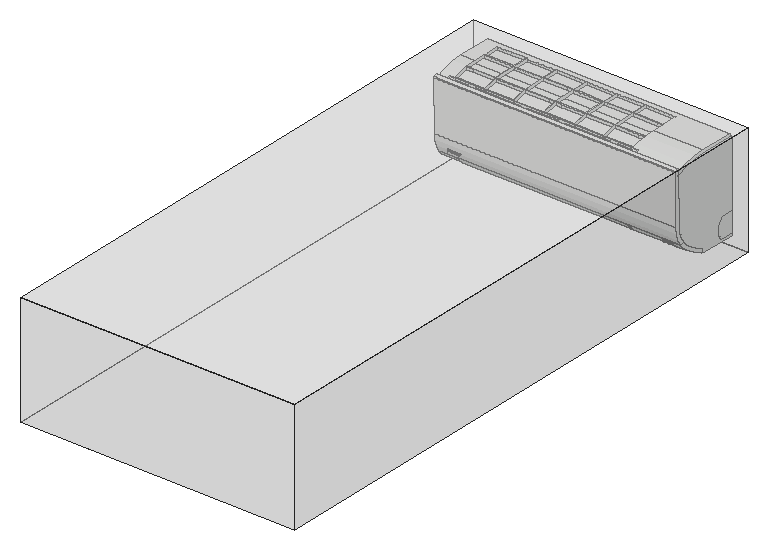
Revit family "outputfile", category 機械設備, Revit 2024
Family settings
  丸型コネクタ寸法 = 半径を使用
  パーツ タイプ = 標準
  OmniClass 番号 = 23.75.10.24.21.27.27
  OmniClass タイトル = Split System Air Conditioning Units
  作業面ベース = いいえ
  常に垂直 = はい
  ロード時にボイドで切り取り = いいえ
  注釈の向きを維持 = いいえ
  共有 = いいえ
  部屋計算ポイント = いいえ
Parameters (values of type "FTKF25CVA")
  Description = ""
  書き出し IFC クラス(タイプ) = "IfcUnitaryEquipmentType"
  定義済み IFC タイプ(タイプ) = "AIRCONDITIONINGUNIT"
  Cost = 0
  Type Comments = ""
  Keynote = ""
  Type Image = (empty or 0)
  Assembly Code = ""
  switch_frequency = yes
  lw_connection [instance] = if(Width = 730.0 mm, 85.0 mm, if(Width = 770.0 mm, 48.0 mm, 60.0 mm))  # 85.0 mm
  製造元 = "Daikin"
  モデル = "FTKF25CVA"
  r_Liquid Pipe Size = Liquid Pipe Size / 2  # 3.2 mm
  r_Gas Pipe Size = Gas Pipe Size / 2  # 4.75 mm
  r_Drain Pipe Size = Drain Pipe Size / 2  # 9.55 mm
  lw_powersupply [instance] = if(Width = 730.0 mm, if(or(Rear Right Connection_refrigerant, Bottom Right Connection_refrigerant), 65.0 mm, if(or(Rear Left Connection_refrigerant, Bottom Left Connection_refrigerant), 695.0 mm, 400.0 mm)), if(Width = 770.0 mm, if(or(Rear Right Connection_refrigerant, Bottom Right Connection_refrigerant), 68.0 mm, if(or(Rear Left Connection_refrigerant, Bottom Left Connection_refrigerant), 705.0 mm, 400.0 mm)), if(or(Rear Right Connection_refrigerant, Bottom Right Connection_refrigerant), 83.0 mm, if(or(Rear Left Connection_refrigerant, Bottom Left Connection_refrigerant), 928.0 mm, 400.0 mm))))  # 400.0 mm
  lw_liquidpipe [instance] = if(Width = 730.0 mm, if(or(Rear Right Connection_refrigerant, Bottom Right Connection_refrigerant), 0.0 mm, if(or(Rear Left Connection_refrigerant, Bottom Left Connection_refrigerant), 582.0 mm, 473.0 mm)), if(Width = 770.0 mm, if(or(Rear Right Connection_refrigerant, Bottom Right Connection_refrigerant), 0.0 mm, if(or(Rear Left Connection_refrigerant, Bottom Left Connection_refrigerant), 682.0 mm, 385.0 mm)), if(or(Rear Right Connection_refrigerant, Bottom Right Connection_refrigerant), 10.0 mm, if(or(Rear Left Connection_refrigerant, Bottom Left Connection_refrigerant), 858.0 mm, 435.0 mm))))  # 473.0 mm
  lw_gaspipe [instance] = if(Width = 730.0 mm, if(or(Rear Right Connection_refrigerant, Bottom Right Connection_refrigerant), 0.0 mm, if(or(Rear Left Connection_refrigerant, Bottom Left Connection_refrigerant), 576.0 mm, 428.0 mm)), if(Width = 770.0 mm, if(or(Rear Right Connection_refrigerant, Bottom Right Connection_refrigerant), 0.0 mm, if(or(Rear Left Connection_refrigerant, Bottom Left Connection_refrigerant), 675.0 mm, 335.0 mm)), if(or(Rear Right Connection_refrigerant, Bottom Right Connection_refrigerant), 0.0 mm, if(or(Rear Left Connection_refrigerant, Bottom Left Connection_refrigerant), 851.0 mm, 400.0 mm))))  # 428.0 mm
  lw_drainpipe [instance] = if(Width = 730.0 mm, if(or(Rear Right Connection_refrigerant, Bottom Right Connection_refrigerant), 0.0 mm, if(or(Rear Left Connection_refrigerant, Bottom Left Connection_refrigerant), 590.0 mm, 488.0 mm)), if(Width = 770.0 mm, if(or(Rear Right Connection_refrigerant, Bottom Right Connection_refrigerant), 0.0 mm, if(or(Rear Left Connection_refrigerant, Bottom Left Connection_refrigerant), 695.0 mm, 440.0 mm)), if(or(Rear Right Connection_refrigerant, Bottom Right Connection_refrigerant), 0.0 mm, if(or(Rear Left Connection_refrigerant, Bottom Left Connection_refrigerant), 888.0 mm, 475.0 mm))))  # 488.0 mm
  l_powersupply_length [instance] = if(Width = 730.0 mm, if(Right Connection_refrigerant, 400.0 mm, if(Left Connection_refrigerant, 330.0 mm, if(or(Bottom Left Connection_refrigerant, Bottom Right Connection_refrigerant), 57.0 mm, if(or(Rear Left Connection_refrigerant, Rear Right Connection_refrigerant), 15.0 mm, 50.0 mm)))), if(Width = 770.0 mm, if(Right Connection_refrigerant, 400.0 mm, if(Left Connection_refrigerant, 370.0 mm, if(or(Bottom Left Connection_refrigerant, Bottom Right Connection_refrigerant), 57.0 mm, if(or(Rear Left Connection_refrigerant, Rear Right Connection_refrigerant), 15.0 mm, 50.0 mm)))), if(Right Connection_refrigerant, 400.0 mm, if(Left Connection_refrigerant, 590.0 mm, if(or(Bottom Left Connection_refrigerant, Bottom Right Connection_refrigerant), 57.0 mm, if(or(Rear Left Connection_refrigerant, Rear Right Connection_refrigerant), 15.0 mm, 50.0 mm))))))  # 400.0 mm
  l_liquidpipe_length [instance] = if(Width = 730.0 mm, if(Right Connection_refrigerant, 558.0 mm, if(Left Connection_refrigerant, 172.0 mm, if(or(Bottom Left Connection_refrigerant, Bottom Right Connection_refrigerant), 48.0 mm, if(or(Rear Left Connection_refrigerant, Rear Right Connection_refrigerant), 30.0 mm, 40.0 mm)))), if(Width = 770.0 mm, if(Right Connection_refrigerant, 433.0 mm, if(Left Connection_refrigerant, 337.0 mm, if(or(Bottom Left Connection_refrigerant, Bottom Right Connection_refrigerant), 48.0 mm, if(or(Rear Left Connection_refrigerant, Rear Right Connection_refrigerant), 30.0 mm, 40.0 mm)))), if(Right Connection_refrigerant, 495.0 mm, if(Left Connection_refrigerant, 495.0 mm, if(or(Bottom Left Connection_refrigerant, Bottom Right Connection_refrigerant), 48.0 mm, if(or(Rear Left Connection_refrigerant, Rear Right Connection_refrigerant), 30.0 mm, 40.0 mm))))))  # 558.0 mm
  l_gaspipe_length [instance] = if(Width = 730.0 mm, if(Right Connection_refrigerant, 513.0 mm, if(Left Connection_refrigerant, 217.0 mm, if(or(Bottom Left Connection_refrigerant, Bottom Right Connection_refrigerant), 57.0 mm, if(or(Rear Left Connection_refrigerant, Rear Right Connection_refrigerant), 40.0 mm, 50.0 mm)))), if(Width = 770.0 mm, if(Right Connection_refrigerant, 383.0 mm, if(Left Connection_refrigerant, 387.0 mm, if(or(Bottom Left Connection_refrigerant, Bottom Right Connection_refrigerant), 57.0 mm, if(or(Rear Left Connection_refrigerant, Rear Right Connection_refrigerant), 40.0 mm, 50.0 mm)))), if(Right Connection_refrigerant, 460.0 mm, if(Left Connection_refrigerant, 530.0 mm, if(or(Bottom Left Connection_refrigerant, Bottom Right Connection_refrigerant), 57.0 mm, if(or(Rear Left Connection_refrigerant, Rear Right Connection_refrigerant), 40.0 mm, 50.0 mm))))))  # 513.0 mm
  l_drainpipe_length [instance] = if(Width = 730.0 mm, if(Right Connection_refrigerant, 573.0 mm, if(Left Connection_refrigerant, 157.0 mm, if(or(Bottom Left Connection_refrigerant, Bottom Right Connection_refrigerant), 35.0 mm, if(or(Rear Left Connection_refrigerant, Rear Right Connection_refrigerant), 15.0 mm, 20.0 mm)))), if(Width = 770.0 mm, if(Right Connection_refrigerant, 488.0 mm, if(Left Connection_refrigerant, 282.0 mm, if(or(Bottom Left Connection_refrigerant, Bottom Right Connection_refrigerant), 35.0 mm, if(or(Rear Left Connection_refrigerant, Rear Right Connection_refrigerant), 15.0 mm, 20.0 mm)))), if(Right Connection_refrigerant, 535.0 mm, if(Left Connection_refrigerant, 455.0 mm, if(or(Bottom Left Connection_refrigerant, Bottom Right Connection_refrigerant), 35.0 mm, if(or(Rear Left Connection_refrigerant, Rear Right Connection_refrigerant), 15.0 mm, 20.0 mm))))))  # 573.0 mm
  h*** = 0.0 mm  # constant formula
  connector_voltage = Voltage_60Hz  # 220 V
  connector_powerinput = [Power Input (Cooling)]  # 0.000 kW
  connector_phase = Phase_60Hz  # 1
  angle_vertical [instance] = if(or(Bottom Left Connection_refrigerant, Bottom Right Connection_refrigerant), 0.00°, 90.00°)  # 90.00°
  angle_horizontal [instance] = if(Right Connection_refrigerant, 90.00°, if(Left Connection_refrigerant, -90.00°, if(or(Rear Left Connection_refrigerant, Rear Right Connection_refrigerant), 180.00°, 0.00°)))  # 90.00°
  Width = 730.0 mm
  Voltage_comment_60Hz = "220"
  Voltage_60Hz = 220 V
  Version = "ver.1.0"
  Unit Type = "Wall Mounted"
  Unit Mass Weight = 8.50 kg
  Unit Designation [instance] = ""
  Uniclass2015Version = "Products v1.30"
  Uniclass2015Title = "Split coil room air conditioning units"
  Uniclass2015Code = "Pr_70_65_03_86"
  URL = ""
  Total Cooling Capacity [instance] = 0.000 kW
  Sound Pressure Level_M speed (dBA) = 33
  Sound Pressure Level_L speed (dBA) = 26
  Sound Pressure Level_H speed (dBA) = 39
  Sound Power Level_H speed (dB) = 0
  Series = "Single Split_Fan Coil Unit"
  Sensible Cooling Capacity [instance] = 0.000 kW
  Refrigerant Type = "R32"
  Power Input (Cooling) = 0.000 kW
  Phase_60Hz = 1
  Option Accessory 3 [instance] = ""
  Option Accessory 2 [instance] = ""
  Option Accessory 1 [instance] = ""
  Nominal Cooling Capacity = 2.640 kW
  Minimum Circuit Amps_60Hz = 0.0 A
  Minimum Airflow = 348.00 m³/h
  Median Airflow = 442.00 m³/h
  Maximum Fuse Amps_60Hz = 0.0 A
  Maximum Airflow = 578.00 m³/h
  Material_Casing = DAIKIN_White_Casing_indoorunit
  Load Classification = HVAC
  Liquid Pipe Size = 6.4 mm
  Link_Nested Family [instance] = ""
  IfcVersion = ""
  IfcExportType = "AIRCONDITIONINGUNIT"
  IfcExportAs = "IfcUnitaryEquipmentType"
  Height = 280.0 mm
  Heat Exchanger Type = "Cross Fin Coil"
  Gas Pipe Size = 9.5 mm
  Frequency_60Hz = 60 Hz
  Fan Type = "Cross Flow Fan"
  Fan Drive = "Direct Drive"
  FCU Tag No. [instance] = ""
  Drain Pipe Size = 19.1 mm
  Design Supply Airflow [instance] = 0.00 m³/h
  Depth = 213.0 mm
  既定の高さ = 0.0 mm
  Cooling Entering Wet Bulb Temperature [instance] = 0.00 °C
  Cooling Entering Dry Bulb Temperature [instance] = 0.00 °C
  Cooling Ambient Wet Bulb Temperature [instance] = 0.00 °C
  Cooling Ambient Dry Bulb Temperature [instance] = 0.00 °C
  Clearance visibility [instance] = yes
  Clearance Top = 30.0 mm
  Clearance Right = 50.0 mm
  Clearance Rear = 0.0 mm
  Clearance Left = 50.0 mm
  Clearance Front = 1500.0 mm
  Clearance Bottom = 30.0 mm
  Bottom Right Connection_refrigerant [instance] = no
  Bottom Left Connection_refrigerant [instance] = no
  Rear Right Connection_refrigerant [instance] = no
  Rear Left Connection_refrigerant [instance] = no
  Right Connection_refrigerant [instance] = yes
  Left Connection_refrigerant [instance] = no
Reference planes
  plane 1 "Back": y = 0
  plane 2: z = 0
  plane 3 "Center (Left/Right)": x = 0
  plane 4 "Center (Front/Back)": y = -106.5
  plane 5 "Front": y = -213
  plane 6 "Left": x = -365
  plane 7 "Right": x = 365
  plane 8 "Top": z = 0
  plane 9 "Bottom": z = -280
  plane 10 "Front panel_Left": x = -363
  plane 11 "Front panel_Right": x = 363
  plane 12: x = 229
  plane 13: x = 224
  plane 14: x = -415
  plane 15: x = 415
  plane 16: y = 0
  plane 17: y = -213
  plane 18: z = 30
  plane 19: z = -310
  plane 20 "lw_Piping and Wiring intake": x = 280
  plane 21 "lw_gaspipe": x = -148
  plane 22 "lw_liquidpipe": x = -193
  plane 23 "lw_drainpipe": x = -208
  plane 24 "lh_drainpipe": z = -245
  plane 25 "lh_liquidpipe": z = -232
  plane 26 "lh_gaspipe": z = -223
  plane 27 "ld_drainpipe": y = -15
  plane 28 "ld_liquidpipe": y = -30
  plane 29 "ld_gaspipe": y = -40
  plane 30 "lw_powersupply": x = -35
  plane 31: y = -1713
Dimensions and locks
  equal spacing: plane 6 "Left", plane 3 "Center (Left/Right)", plane 7 "Right"
  "Width": plane 6 "Left" to plane 7 "Right"
  equal spacing: plane 5 "Front", plane 4 "Center (Front/Back)", plane 1 "Back"
  "Depth": plane 5 "Front" to plane 1 "Back"
  "Height": plane 8 "Top" to plane 9 "Bottom"
  locked: plane 10 "Front panel_Left" to plane 6 "Left" at 2
  locked: plane 7 "Right" to plane 11 "Front panel_Right" at 2
  locked: plane 7 "Right" to plane 12 at 136
  locked: plane 12 to plane 13 at 5
  "Clearance Rear": plane 16 to plane 1 "Back"
  "Clearance Top": plane 18 to plane 8 "Top"
  "Clearance Bottom": plane 9 "Bottom" to plane 19
  "lw_connection": plane 20 "lw_Piping and Wiring intake" to plane 7 "Right"
  "lw_gaspipe": plane 21 "lw_gaspipe" to plane 20 "lw_Piping and Wiring intake"
  "lw_liquidpipe": plane 22 "lw_liquidpipe" to plane 20 "lw_Piping and Wiring intake"
  "lw_drainpipe": plane 23 "lw_drainpipe" to plane 20 "lw_Piping and Wiring intake"
  locked: plane 24 "lh_drainpipe" to plane 9 "Bottom" at 35
  locked: plane 25 "lh_liquidpipe" to plane 9 "Bottom" at 48
  locked: plane 26 "lh_gaspipe" to plane 9 "Bottom" at 57
  locked: plane 27 "ld_drainpipe" to plane 1 "Back" at 15
  locked: plane 1 "Back" to plane 28 "ld_liquidpipe" at 30
  locked: plane 1 "Back" to plane 29 "ld_gaspipe" at 40
  "lw_powersupply": plane 30 "lw_powersupply" to plane 7 "Right"
  "Clearance Left": plane 14 to plane 6 "Left"
  "Clearance Right": plane 7 "Right" to plane 15
  "Clearance Front": plane 5 "Front" to plane 31
  aligned and locked: level to plane 2
  aligned and locked: plane 16 to nested 1
  aligned and locked: nested 1 to plane 14
  aligned and locked: nested 1 to plane 15
  aligned and locked: plane 19 to nested 1
  aligned and locked: plane 18 to nested 1
  aligned and locked: plane 21 "lw_gaspipe" to nested 2
  aligned and locked: nested 2 to plane 29 "ld_gaspipe"
  aligned and locked: plane 22 "lw_liquidpipe" to nested 3
  aligned and locked: nested 3 to plane 28 "ld_liquidpipe"
  aligned and locked: plane 23 "lw_drainpipe" to nested 4
  aligned and locked: nested 4 to plane 27 "ld_drainpipe"
  aligned and locked: nested 5 to plane 27 "ld_drainpipe"
  aligned and locked: plane 30 "lw_powersupply" to nested 5
  aligned and locked: level to plane 8 "Top"
  aligned and locked: nested 1 to plane 31
Nested families
  nested 1: "daikin_clearancespace" at (0, -856.5, -139.881), show <- "Clearance visibility", visible <- "Clearance visibility", Link_Nested Family <- "Link_Nested Family", type "daikin_clearancespace"
    with width 830.0 mm, show yes, height 340.0 mm, depth 1713.0 mm, Link_Nested Family ""
  nested 2: "daikin_connector_rotate3" at (-148, -40, -223), angle_vertical <- "angle_vertical", angle_horizontal <- "angle_horizontal", length <- "l_gaspipe_length", radius <- "r_Gas Pipe Size", type "daikin_connector_rotate3"
    with show no, radius 4.75 mm, length 513.0 mm, angle_vertical 90.00°, angle_horizontal 90.00°
  nested 3: "daikin_connector_rotate3" at (-193, -30, -232), angle_vertical <- "angle_vertical", angle_horizontal <- "angle_horizontal", radius <- "r_Liquid Pipe Size", length <- "l_liquidpipe_length", type "daikin_connector_rotate3"
    with show no, radius 3.2 mm, length 558.0 mm, angle_vertical 90.00°, angle_horizontal 90.00°
  nested 4: "daikin_connector_rotate3" at (-208, -15, -245), angle_vertical <- "angle_vertical", angle_horizontal <- "angle_horizontal", length <- "l_drainpipe_length", radius <- "r_Drain Pipe Size", type "daikin_connector_rotate3"
    with show no, radius 9.55 mm, length 573.0 mm, angle_vertical 90.00°, angle_horizontal 90.00°
  nested 5: "daikin_connector_rotate3" at (-35, -15, -223), angle_vertical <- "angle_vertical", angle_horizontal <- "angle_horizontal", length <- "l_powersupply_length", type "daikin_connector_rotate3"
    with show no, radius 10.0 mm, length 400.0 mm, angle_vertical 90.00°, angle_horizontal 90.00°
  nested 6: "DAIKIN_indoorunit_FTKF-CVA" at (-31, 0, 0), type "FTKF-CVA"
Connectors
  piping at (365, -40, -223), diameter 9.5, driven by "r_Gas Pipe Size"
    settings: on nested 2, index 1, connector inside diameter 609.6 mm, connector length 0.0 mm, flow factor 0, pipe flow 0.00 m³/h, pressure drop 0.0 Pa, fitting loss kfactor 0, connector angle 0.00°, fixture units 0, engagement length 0.0 mm, angle of deflection 0.00°, flow configuration 1, flow direction 2, fitting loss method 0, system type 29, joint type 0, gender type 0, connector reference index -1, connector utility 0, adjustable connector no, is connector primary yes, connector description "Refrigerant Gas Piping"
  piping at (365, -30, -232), diameter 6.4, driven by "r_Liquid Pipe Size"
    settings: on nested 3, index 2, connector inside diameter 609.6 mm, connector length 0.0 mm, flow factor 0, pipe flow 0.00 m³/h, pressure drop 0.0 Pa, fitting loss kfactor 0, connector angle 0.00°, fixture units 0, engagement length 0.0 mm, angle of deflection 0.00°, flow configuration 1, flow direction 1, fitting loss method 0, system type 29, joint type 0, gender type 0, connector reference index -1, connector utility 0, adjustable connector no, is connector primary no, connector description "Refrigerant Liquid Piping"
  piping at (365, -15, -245), diameter 19.1, driven by "r_Drain Pipe Size"
    settings: on nested 4, index 3, connector inside diameter 609.6 mm, connector length 0.0 mm, flow factor 0, pipe flow 0.00 m³/h, pressure drop 0.0 Pa, fitting loss kfactor 0, connector angle 0.00°, fixture units 0, engagement length 0.0 mm, angle of deflection 0.00°, flow configuration 1, flow direction 2, fitting loss method 4, system type 16, joint type 0, gender type 0, connector reference index -1, connector utility 0, adjustable connector no, is connector primary no, connector description "Condensate Drain Piping"
  electrical at (365, -15, -223), driven by "Load Classification", driven by "connector_phase", driven by "connector_powerinput", driven by "connector_voltage"
    settings: on nested 5, index 4, voltage 220 V, apparent load 0 VA, apparent load phase1 0 VA, apparent load phase2 0 VA, apparent load phase3 0 VA, power factor 1, load classification "HVAC", number of poles 1, system type 30, power factor state 1, is connector primary yes, connector utility no, sub classification motor no, connector description "Power Supply"
Definition of nested family "daikin_clearancespace"
  Parameters (values of type "daikin_clearancespace")
    Description = "daikin_clearancespace"
    width [instance] = 1823.963 mm
    show [instance] = yes
    material = none
    height [instance] = 1359.762 mm
    depth [instance] = 880.0 mm
    Default Elevation = 0.0 mm
    Link_Nested Family [instance] = ""
  Reference planes
    plane 1 "Center (Front/Back)": y = 0
    plane 2 "Center (Elevation)": z = -0.119
    plane 3 "Center (Left/Right)": x = 0
    plane 4: y = 440
    plane 5: y = -440
    plane 6 "Right": x = 911.982
    plane 7 "Left": x = -911.982
    plane 8 "Top": z = 679.762
    plane 9 "Bottom": z = -680
  Forms (mm)
    Extrusion 1, solid, material <- "material", visible <- "show"
      sketch origin (0, 0, 0) x (1, 0, 0) y (0, 1, 0)
        loop
          line (-911.982, 440) -> (-911.982, -440) -> (911.982, -440) -> (911.982, 440) -> (-911.982, 440)
      from -680 to 679.762
  Lines and regions (mm)
    symbolic lines, visible <- "show"
      curve 1: line (911.982, 440, 0) -> (-911.982, 440, 0)
      curve 2: line (-911.982, 440, 0) -> (-911.982, -440, 0)
      curve 3: line (-911.982, -440, 0) -> (911.982, -440, 0)
      curve 4: line (911.982, -440, 0) -> (911.982, 440, 0)
      curve 5: line (911.982, 0, 679.762) -> (-911.982, 0, 679.762)
      curve 6: line (911.982, 0, -680) -> (911.982, 0, 679.762)
      curve 7: line (-911.982, 0, -680) -> (911.982, 0, -680)
      curve 8: line (-911.982, 0, 679.762) -> (-911.982, 0, -680)
      curve 9: line (0, 440, 679.762) -> (0, -440, 679.762)
      curve 10: line (0, -440, 679.762) -> (0, -440, -680)
      curve 11: line (0, 440, -680) -> (0, 440, 679.762)
      curve 12: line (0, -440, -680) -> (0, 440, -680)
  Dimensions and locks
    "width": plane 7 "Left" to plane 6 "Right"
    "depth": plane 4 to plane 5
    "height": plane 8 "Top" to plane 9 "Bottom"
    equal spacing: plane 7 "Left", plane 3 "Center (Left/Right)", plane 6 "Right"
    equal spacing: plane 4, plane 1 "Center (Front/Back)", plane 5
    equal spacing: plane 8 "Top", plane 2 "Center (Elevation)", plane 9 "Bottom"
    aligned and locked: level to plane 2 "Center (Elevation)"
    aligned and locked: Extrusion 1 sketch curve to plane 4
    aligned and locked: plane 7 "Left" to Extrusion 1 sketch curve
    aligned and locked: Extrusion 1 sketch curve to plane 5
    aligned and locked: Extrusion 1 sketch curve to plane 6 "Right"
    aligned and locked: plane 8 "Top" to Extrusion 1
    aligned and locked: curve 1 to Extrusion 1
    aligned and locked: curve 2 to Extrusion 1
    aligned and locked: curve 3 to Extrusion 1
    aligned and locked: curve 4 to Extrusion 1
    aligned and locked: curve 5 to Extrusion 1
    aligned and locked: curve 6 to Extrusion 1
    aligned and locked: curve 7 to Extrusion 1
    aligned and locked: curve 8 to Extrusion 1
    aligned and locked: curve 9 to Extrusion 1
    aligned and locked: curve 10 to Extrusion 1
    aligned and locked: curve 11 to Extrusion 1
    aligned and locked: curve 12 to Extrusion 1
    aligned and locked: Extrusion 1 to plane 9 "Bottom"
Definition of nested family "DAIKIN_indoorunit_FTKF-CVA"
  Parameters (values of type "FTKF-CVA")
    switch_unit1_60-71 = Width = 990.0 mm  # no
    switch_unit1_35-50 = Width = 770.0 mm  # no
    switch_unit1_20-25 = Width = 730.0 mm  # yes
    Width = 730.0 mm
    WALL HOLE-R = if(Width = 730.0 mm, 79.0 mm, 48.0 mm)  # 79.0 mm
    Material_Casing = none
    Height = if(Width = 730.0 mm, 280.0 mm, if(Width = 770.0 mm, 288.0 mm, 297.0 mm))  # 280.0 mm
    Default Elevation = 0.0 mm
  Reference planes
    plane 1 "Center (Front/Back)": y = 0
    plane 2 "reference_level": z = 0
    plane 3 "Center (Left/Right)": x = 31
    plane 4: x = -334
    plane 5: x = 396
    plane 6: z = -280
  Forms (mm)
    Extrusion 1, solid, material <- "Material_Casing", visible <- "switch_unit1_20-25"
      sketch origin (31, 0, 0) x (0, 1, 0) y (0, 0, 1)
        loop
          line (-109.519, -8) -> (-2.596, -8) -> (-8.198, 0) -> (-109.608, 0)
          arc (-109.608, 0) -> (-157.226, -5.2) -> (-202.599, -20.555) r 220.623
          line (-202.599, -20.555) -> (-202.447, -29.25)
          arc (-202.447, -29.25) -> (-157.182, -13.38) -> (-109.519, -8) r 213.82
      from -365 to 365
    Extrusion 2, solid, material <- "Material_Casing", visible <- "switch_unit1_20-25"
      sketch origin (416, 1304.033, 1200.206) x (0, 1, 0) y (0, 0, 1)
        loop
          arc (-1496.513, -1423.164) -> (-1487.225, -1434.204) -> (-1476.373, -1443.711) r 95
          arc (-1476.373, -1443.711) -> (-1448.371, -1461.92) -> (-1418.191, -1476.232) r 250
          line (-1418.191, -1476.232) -> (-1418.191, -1465.318)
          arc (-1418.191, -1465.318) -> (-1445.052, -1452.134) -> (-1470.063, -1435.711) r 240
          arc (-1470.063, -1435.711) -> (-1477.766, -1429.186) -> (-1484.641, -1421.794) r 85
          line (-1484.641, -1421.794) -> (-1496.513, -1423.164)
      from -20 to -177
    Extrusion 3, solid, material <- "Material_Casing", visible <- "switch_unit1_20-25"
      sketch origin (31, 0, 0) x (0, 1, 0) y (0, 0, 1)
        loop
          line (-202.769, -10.816) -> (-211.618, -13.692)
          arc (-211.618, -13.692) -> (-212.628, -14.432) -> (-213, -15.629) r 2
          line (-213, -15.629) -> (-210.348, -167.5)
          arc (-210.348, -167.5) -> (-206.029, -195.818) -> (-193.465, -221.562) r 95
          line (-193.465, -221.562) -> (-181.653, -220.199)
          arc (-181.653, -220.199) -> (-195.31, -195.356) -> (-200.037, -167.403) r 85
          line (-200.037, -167.403) -> (-202.769, -10.816)
      from -365 to 365
    Extrusion 4, solid, material <- "Material_Casing", visible <- "switch_unit1_20-25"
      sketch origin (31, 0, 0) x (0, 1, 0) y (0, 0, 1)
        loop
          line (0, -280) -> (0, -11.707) -> (-2.596, -8) -> (-109.519, -8)
          arc (-109.519, -8) -> (-156.378, -13.198) -> (-200.959, -28.539) r 213.82
          line (-200.959, -28.539) -> (-198.537, -167.295)
          arc (-198.537, -167.295) -> (-189.766, -204.754) -> (-165.131, -234.305) r 83.5
          arc (-165.131, -234.305) -> (-139.841, -250.873) -> (-112.659, -264.109) r 238.5
          line (-112.659, -264.109) -> (-112.659, -276.338)
          arc (-112.659, -276.338) -> (-100.834, -279.079) -> (-88.731, -280) r 80
          line (-88.731, -280) -> (0, -280)
      from -365 to 365
    Extrusion 5, solid, material <- "Material_Casing", visible <- "switch_unit1_20-25"
      sketch origin (-354, 1304.033, 1200.206) x (0, 1, 0) y (0, 0, 1)
        loop
          arc (-1496.513, -1423.164) -> (-1487.225, -1434.204) -> (-1476.373, -1443.711) r 95
          arc (-1476.373, -1443.711) -> (-1448.371, -1461.92) -> (-1418.191, -1476.232) r 250
          line (-1418.191, -1476.232) -> (-1418.191, -1465.318)
          arc (-1418.191, -1465.318) -> (-1445.052, -1452.134) -> (-1470.063, -1435.711) r 240
          arc (-1470.063, -1435.711) -> (-1477.766, -1429.186) -> (-1484.641, -1421.794) r 85
          line (-1484.641, -1421.794) -> (-1496.513, -1423.164)
      from 72 to 20
    Extrusion 6, solid, material <- "Material_Casing", visible <- "switch_unit1_20-25"
      sketch origin (31, 7.782, 0.206) x (0, 1, 0) y (0, 0, 1)
        loop
          line (-188.39, -221.794) -> (-200.262, -223.164)
          arc (-200.262, -223.164) -> (-190.975, -234.204) -> (-180.122, -243.711) r 95
          arc (-180.122, -243.711) -> (-152.12, -261.92) -> (-121.941, -276.232) r 250
          line (-121.941, -276.232) -> (-121.941, -265.318)
          arc (-121.941, -265.318) -> (-148.801, -252.134) -> (-173.813, -235.711) r 240
          arc (-173.813, -235.711) -> (-181.515, -229.186) -> (-188.39, -221.794) r 85
      from 204 to -309
    Extrusion 7, void
      sketch origin (31, 0, -235) x (1, 0, 0) y (0, 1, 0)
        loop
          line (-324.633, -72.419) -> (-304, -73.5) -> (-234.9, -73.5) -> (-234.9, -24.5) -> (-324.633, -24.5) -> (-324.633, -72.419)
        loop
          line (-304, -74.9) -> (-324.633, -75.939) -> (-324.633, -139.819) -> (-304, -140.9) -> (-234.9, -140.9) -> (-234.9, -74.9) -> (-304, -74.9)
        loop
          line (-304, -142.3) -> (-324.633, -143.326) -> (-324.633, -182.209) -> (-300, -183.5) -> (-234.9, -183.5) -> (-234.9, -142.3) -> (-304, -142.3)
        loop
          line (-233.5, -142.3) -> (-233.5, -183.5) -> (-146.9, -183.5) -> (-146.9, -142.3) -> (-233.5, -142.3)
        loop
          line (-233.5, -140.9) -> (-146.9, -140.9) -> (-146.9, -74.9) -> (-233.5, -74.9) -> (-233.5, -140.9)
        loop
          line (-233.5, -73.5) -> (-146.9, -73.5) -> (-146.9, -24.5) -> (-233.5, -24.5) -> (-233.5, -73.5)
        loop
          line (-145.5, -73.5) -> (-74.9, -73.5) -> (-54.9, -72.452) -> (-54.9, -24.5) -> (-145.5, -24.5) -> (-145.5, -73.5)
        loop
          line (-145.5, -74.9) -> (-145.5, -140.9) -> (-74.9, -140.9) -> (-54.9, -139.852) -> (-54.9, -75.948) -> (-74.9, -74.9) -> (-145.5, -74.9)
        loop
          line (-145.5, -142.3) -> (-145.5, -183.5) -> (-74.9, -183.5) -> (-54.9, -182.452) -> (-54.9, -143.348) -> (-74.9, -142.3) -> (-145.5, -142.3)
        loop
          line (-53.5, -24.5) -> (-53.5, -72.452) -> (-33.5, -73.5) -> (36.5, -73.5) -> (36.5, -24.5) -> (-53.5, -24.5)
        loop
          line (-53.5, -75.948) -> (-53.5, -139.852) -> (-33.5, -140.9) -> (36.5, -140.9) -> (36.5, -74.9) -> (-33.5, -74.9) -> (-53.5, -75.948)
        loop
          line (-33.5, -142.3) -> (-53.5, -143.348) -> (-53.5, -182.452) -> (-33.5, -183.5) -> (36.5, -183.5) -> (36.5, -142.3) -> (-33.5, -142.3)
        loop
          line (37.9, -24.5) -> (37.9, -73.5) -> (124.9, -73.5) -> (124.9, -24.5) -> (37.9, -24.5)
        loop
          line (37.9, -74.9) -> (37.9, -140.9) -> (124.9, -140.9) -> (124.9, -74.9) -> (37.9, -74.9)
        loop
          line (37.9, -142.3) -> (37.9, -183.5) -> (124.9, -183.5) -> (124.9, -142.3) -> (37.9, -142.3)
        loop
          line (126.3, -24.5) -> (126.3, -73.5) -> (195.6, -73.5) -> (216, -72.431) -> (216, -24.5) -> (126.3, -24.5)
        loop
          line (126.3, -74.9) -> (126.3, -140.9) -> (198.5, -140.9) -> (216, -139.983) -> (216, -75.817) -> (198.5, -74.9) -> (126.3, -74.9)
        loop
          line (126.3, -142.3) -> (126.3, -183.5) -> (198.337, -183.5) -> (216, -182.623) -> (216, -143.217) -> (198.5, -142.3) -> (126.3, -142.3)
      from 201.638 to 250
    Extrusion 8, solid, material <- "Material_Casing"
      sketch origin (31, 0, 0) x (1, 0, 0) y (0, 0, 1)
        loop
          circle (286, -235) r 40
        loop
          circle (-317, -235) r 40
      from 0 to 5
    Extrusion 9, solid, material <- "Material_Casing", visible <- "switch_unit1_20-25"
      sketch origin (396, 1296.25, 1200) x (0, -1, 0) y (0, 0, 1)
        loop
          line (1326.25, -1413) -> (1296.25, -1413) -> (1296.25, -1473) -> (1326.25, -1473)
          arc (1326.25, -1473) -> (1340.393, -1467.142) -> (1346.25, -1453) r 20
          line (1346.25, -1453) -> (1346.25, -1433)
          arc (1346.25, -1433) -> (1340.393, -1418.858) -> (1326.25, -1413) r 20
      from 0 to 5
    Extrusion 10, solid, material <- "Material_Casing", visible <- "switch_unit1_20-25"
      sketch origin (-334, 1296.25, 1200) x (0, 1, 0) y (0, 0, 1)
        loop
          line (-1296.25, -1413) -> (-1326.25, -1413)
          arc (-1326.25, -1413) -> (-1340.393, -1418.858) -> (-1346.25, -1433) r 20
          line (-1346.25, -1433) -> (-1346.25, -1453)
          arc (-1346.25, -1453) -> (-1340.393, -1467.142) -> (-1326.25, -1473) r 20
          line (-1326.25, -1473) -> (-1296.25, -1473) -> (-1296.25, -1413)
      from 0 to 5
    Extrusion 11, solid, material <- "Material_Casing", visible <- "switch_unit1_20-25"
      sketch origin (11, 0, -285) x (-1, 0, 0) y (0, -1, 0)
        loop
          line (-279, 0) -> (-279, 30)
          arc (-279, 30) -> (-284.419, 43.081) -> (-297.5, 48.5) r 18.5
          line (-297.5, 48.5) -> (-320.5, 48.5)
          arc (-320.5, 48.5) -> (-333.581, 43.081) -> (-339, 30) r 18.5
          line (-339, 30) -> (-339, 0) -> (-279, 0)
        loop
          line (326, 0) -> (326, 30)
          arc (326, 30) -> (320.581, 43.081) -> (307.5, 48.5) r 18.5
          line (307.5, 48.5) -> (284.5, 48.5)
          arc (284.5, 48.5) -> (271.419, 43.081) -> (266, 30) r 18.5
          line (266, 30) -> (266, 0) -> (326, 0)
      from 10 to 5
    Extrusion 12, solid, material <- "Material_Casing", visible <- "switch_unit1_35-50"
      sketch origin (31, 0, 0) x (0, 1, 0) y (0, 0, 1)
        loop
          line (-5, 0) -> (-45.84, 0)
          arc (-45.84, 0) -> (-135.906, -3.965) -> (-225.275, -15.831) r 1024.823
          arc (-225.275, -15.831) -> (-224.639, -21.302) -> (-223.878, -26.758) r 241.564
          arc (-223.878, -26.758) -> (-135.207, -14.947) -> (-45.84, -11) r 1013.66
          line (-45.84, -11) -> (0, -11) -> (0, -9.02) -> (-5, 0)
      from -385 to 385
    Extrusion 13, solid, material <- "Material_Casing", visible <- "switch_unit1_35-50"
      sketch origin (31, 0, 0) x (0, 1, 0) y (0, 0, 1)
        loop
          arc (-226.673, -12.416) -> (-229.519, -12.929) -> (-232.363, -13.449) r 1025.776
          arc (-232.363, -13.449) -> (-233.586, -14.198) -> (-233.994, -15.573) r 2
          line (-233.994, -15.573) -> (-218.08, -217.408)
          arc (-218.08, -217.408) -> (-211.296, -237.286) -> (-195.807, -251.472) r 42.415
          line (-195.807, -251.472) -> (-186.556, -243.946)
          arc (-186.556, -243.946) -> (-193.981, -235.221) -> (-197.648, -224.366) r 30.386
          line (-197.648, -224.366) -> (-226.673, -12.416)
      from -385 to 385
    Extrusion 14, void
      sketch origin (33, 0, 0) x (1, 0, 0) y (0, 1, 0)
        loop
          line (-357.499, -23.5) -> (-357.499, -96.7) -> (-255.999, -96.7) -> (-255.999, -23.5) -> (-357.499, -23.5)
        loop
          line (-255.999, -99.1) -> (-357.499, -99.1) -> (-357.499, -170.1) -> (-255.999, -170.1) -> (-255.999, -99.1)
        loop
          line (-255.999, -171.7) -> (-357.499, -171.7) -> (-357.499, -201.7) -> (-255.999, -201.7) -> (-255.999, -171.7)
        loop
          line (-253.399, -23.5) -> (-253.399, -96.7) -> (-153.899, -96.7) -> (-153.899, -23.5) -> (-253.399, -23.5)
        loop
          line (-253.399, -99.1) -> (-253.399, -170.1) -> (-153.899, -170.1) -> (-153.899, -99.1) -> (-253.399, -99.1)
        loop
          line (-153.899, -171.7) -> (-253.399, -171.7) -> (-253.399, -201.7) -> (-153.899, -201.7) -> (-153.899, -171.7)
        loop
          line (-56.549, -23.5) -> (-151.299, -23.5) -> (-151.299, -96.7) -> (-56.549, -96.7) -> (-56.549, -23.5)
        loop
          line (-151.299, -99.1) -> (-151.299, -170.1) -> (-56.549, -170.1) -> (-56.549, -99.1) -> (-151.299, -99.1)
        loop
          line (-56.549, -171.7) -> (-151.299, -171.7) -> (-151.299, -201.7) -> (-56.549, -201.7) -> (-56.549, -171.7)
        loop
          line (50.301, -23.5) -> (-44.549, -23.5) -> (-44.549, -96.7) -> (50.301, -96.7) -> (50.301, -23.5)
        loop
          line (-44.549, -99.1) -> (-44.549, -170.1) -> (50.301, -170.1) -> (50.301, -99.1) -> (-44.549, -99.1)
        loop
          line (50.301, -171.7) -> (-44.549, -171.7) -> (-44.549, -201.7) -> (50.301, -201.7) -> (50.301, -171.7)
        loop
          line (52.901, -23.5) -> (52.901, -96.7) -> (152.401, -96.7) -> (152.401, -23.5) -> (52.901, -23.5)
        loop
          line (52.901, -99.1) -> (52.901, -170.1) -> (152.401, -170.1) -> (152.401, -99.1) -> (52.901, -99.1)
        loop
          line (52.901, -171.7) -> (52.901, -201.7) -> (152.401, -201.7) -> (152.401, -171.7) -> (52.901, -171.7)
        loop
          line (155.001, -23.5) -> (155.001, -96.7) -> (256.501, -96.7) -> (256.501, -23.5) -> (155.001, -23.5)
        loop
          line (155.001, -99.1) -> (155.001, -170.1) -> (217.501, -170.1) -> (229.501, -170.1) -> (241.501, -170.1) -> (256.501, -170.1) -> (256.501, -152.1) -> (256.501, -134.1) -> (256.501, -116.1) -> (256.501, -99.1) -> (241.501, -99.1) -> (229.501, -99.1) -> (217.501, -99.1) -> (155.001, -99.1)
        loop
          line (155.001, -171.7) -> (155.001, -201.7) -> (217.501, -201.7) -> (229.501, -201.7) -> (241.501, -201.7) -> (256.501, -201.7) -> (256.501, -171.7) -> (241.501, -171.7) -> (229.501, -171.7) -> (217.501, -171.7) -> (155.001, -171.7)
      from -40.013 to 47.268
    Extrusion 15, solid, material <- "Material_Casing", visible <- "switch_unit1_35-50"
      sketch origin (-356, 1308.25, 1200) x (0, 1, 0) y (0, 0, -1)
        loop
          line (-1407.524, 1473.254) -> (-1407.524, 1484.154)
          arc (-1407.524, 1484.154) -> (-1456.679, 1472.122) -> (-1503.106, 1451.987) r 299.52
          line (-1503.106, 1451.987) -> (-1494.032, 1444.604)
          arc (-1494.032, 1444.604) -> (-1451.915, 1462.363) -> (-1407.524, 1473.254) r 288.723
      from -2 to -49.5
    Extrusion 16, solid, material <- "Material_Casing", visible <- "switch_unit1_35-50"
      sketch origin (418, 1308.25, 1200) x (0, 1, 0) y (0, 0, 1)
        loop
          arc (-1407.524, -1473.254) -> (-1451.915, -1462.363) -> (-1494.032, -1444.604) r 288.723
          line (-1494.032, -1444.604) -> (-1503.106, -1451.987)
          arc (-1503.106, -1451.987) -> (-1456.679, -1472.122) -> (-1407.524, -1484.154) r 299.52
          line (-1407.524, -1484.154) -> (-1407.524, -1473.254)
      from -2 to -119.5
    Extrusion 17, solid, material <- "Material_Casing", visible <- "switch_unit1_35-50"
      sketch origin (418, 1308.25, 1200) x (0, 1, 0) y (0, 0, 1)
        loop
          line (-1407.524, -1484.154) -> (-1407.524, -1473.254)
          arc (-1407.524, -1473.254) -> (-1451.915, -1462.363) -> (-1494.032, -1444.604) r 288.723
          line (-1494.032, -1444.604) -> (-1503.106, -1451.987)
          arc (-1503.106, -1451.987) -> (-1456.679, -1472.122) -> (-1407.524, -1484.154) r 299.52
      from -119.5 to -724.5
    Extrusion 18, solid, material <- "Material_Casing", visible <- "switch_unit1_35-50"
      sketch origin (31, 0, -30) x (0, 1, 0) y (0, 0, 1)
        loop
          arc (-45.84, 19) -> (-135.218, 15.052) -> (-223.901, 3.238) r 1013.66
          line (-223.901, 3.238) -> (-196.855, -194.257)
          arc (-196.855, -194.257) -> (-192.985, -205.344) -> (-185.107, -214.052) r 29.589
          arc (-185.107, -214.052) -> (-142.926, -231.76) -> (-98.473, -242.568) r 288.081
          line (-98.473, -242.568) -> (-98.525, -254.271)
          arc (-98.525, -254.271) -> (-75.337, -257.066) -> (-52, -258) r 292.099
          line (-52, -258) -> (0, -258) -> (0, 19) -> (-45.84, 19)
      from -385 to 385
    Extrusion 19, solid, material <- "Material_Casing", visible <- "switch_unit1_35-50"
      sketch origin (416, 1296.25, 1200) x (0, -1, 0) y (0, 0, 1)
        loop
          line (1329.05, -1409.6) -> (1296.25, -1409.6) -> (1296.25, -1469.6) -> (1329.05, -1469.6)
          arc (1329.05, -1469.6) -> (1342.627, -1463.976) -> (1348.25, -1450.4) r 19.2
          line (1348.25, -1450.4) -> (1348.25, -1428.8)
          arc (1348.25, -1428.8) -> (1342.627, -1415.224) -> (1329.05, -1409.6) r 19.2
      from 0 to 5
    Extrusion 20, solid, material <- "Material_Casing", visible <- "switch_unit1_35-50"
      sketch origin (-349, 1296.25, 1200) x (0, -1, 0) y (0, 0, 1)
        loop
          line (1329.05, -1409.6) -> (1296.25, -1409.6) -> (1296.25, -1469.6) -> (1329.05, -1469.6)
          arc (1329.05, -1469.6) -> (1342.627, -1463.976) -> (1348.25, -1450.4) r 19.2
          line (1348.25, -1450.4) -> (1348.25, -1428.8)
          arc (1348.25, -1428.8) -> (1342.627, -1415.224) -> (1329.05, -1409.6) r 19.2
      from 0 to 5
    Extrusion 21, solid, material <- "Material_Casing", visible <- "switch_unit1_35-50"
      sketch origin (31, 200, -288) x (-1, 0, 0) y (0, -1, 0)
        loop
          line (369, 200) -> (369, 232)
          arc (369, 232) -> (363.142, 246.142) -> (349, 252) r 20
          line (349, 252) -> (329, 252)
          arc (329, 252) -> (314.858, 246.142) -> (309, 232) r 20
          line (309, 232) -> (309, 200) -> (369, 200)
        loop
          line (-369, 200) -> (-309, 200) -> (-309, 232)
          arc (-309, 232) -> (-314.858, 246.142) -> (-329, 252) r 20
          line (-329, 252) -> (-349, 252)
          arc (-349, 252) -> (-363.142, 246.142) -> (-369, 232) r 20
          line (-369, 232) -> (-369, 200)
      from 0 to 5
    Extrusion 22, void
      sketch origin (0, 0, 0) x (1, 0, 0) y (0, 1, 0)
        loop
          line (-308, -185.757) -> (-308, -202.769) -> (262, -202.769) -> (262, -185.757) -> (-308, -185.757)
      from -35 to 0
    Extrusion 23, solid, material <- "Material_Casing", visible <- "switch_unit1_20-25"
      sketch origin (0, 0, 0) x (1, 0, 0) y (0, 1, 0)
        loop
          line (-308, -185.757) -> (-308, -202.757) -> (-293, -202.757) -> (-293, -185.757) -> (-308, -185.757)
        loop
          line (262, -185.757) -> (247, -185.757) -> (247, -202.757) -> (262, -202.757) -> (262, -185.757)
      from -35 to 0
    Extrusion 24, solid, material <- "Material_Casing", visible <- "switch_unit1_20-25"
      sketch origin (0, 0, 0) x (1, 0, 0) y (0, 1, 0)
        loop
          line (-293, -190.757) -> (-293, -202.757) -> (247, -202.757) -> (247, -190.757) -> (203.171, -190.757) -> (203.171, -194.257)
          arc (203.171, -194.257) -> (202.732, -195.318) -> (201.671, -195.757) r 1.5
          line (201.671, -195.757) -> (180.129, -195.757)
          arc (180.129, -195.757) -> (179.068, -195.318) -> (178.629, -194.257) r 1.5
          line (178.629, -194.257) -> (178.629, -190.757) -> (46.421, -190.757) -> (46.421, -194.257)
          arc (46.421, -194.257) -> (45.982, -195.318) -> (44.921, -195.757) r 1.5
          line (44.921, -195.757) -> (23.379, -195.757)
          arc (23.379, -195.757) -> (22.318, -195.318) -> (21.879, -194.257) r 1.5
          line (21.879, -194.257) -> (21.879, -190.757) -> (-68.079, -190.757) -> (-68.079, -194.257)
          arc (-68.079, -194.257) -> (-68.518, -195.318) -> (-69.579, -195.757) r 1.5
          line (-69.579, -195.757) -> (-91.121, -195.757)
          arc (-91.121, -195.757) -> (-92.182, -195.318) -> (-92.621, -194.257) r 1.5
          line (-92.621, -194.257) -> (-92.621, -190.757) -> (-224.829, -190.757) -> (-224.829, -194.257)
          arc (-224.829, -194.257) -> (-225.268, -195.318) -> (-226.329, -195.757) r 1.5
          line (-226.329, -195.757) -> (-247.871, -195.757)
          arc (-247.871, -195.757) -> (-248.932, -195.318) -> (-249.371, -194.257) r 1.5
          line (-249.371, -194.257) -> (-249.371, -190.757) -> (-293, -190.757)
      from -35 to 0
    Extrusion 25, void
      sketch origin (31, 0, 0) x (0, 1, 0) y (0, 0, 1)
        loop
          line (-185.757, -13.903) -> (-185.757, 0) -> (-205.202, 0) -> (-205.202, -21.715)
          arc (-205.202, -21.715) -> (-195.563, -17.601) -> (-185.757, -13.903) r 245
        loop
          line (-205.202, -30.526) -> (-205.202, -35) -> (-185.757, -35) -> (-185.757, -22.404)
          arc (-185.757, -22.404) -> (-195.57, -26.249) -> (-205.202, -30.526) r 237
      from 231 to -339
    Extrusion 26, void
      sketch origin (0, 0, 0) x (1, 0, 0) y (0, 1, 0)
        loop
          line (-341.401, -199.9) -> (-342.412, -238.673) -> (306.373, -238.673)
          spline (306.373, -238.673) -> (306.288, -235.451) -> (306.202, -232.228) -> (306.116, -229.002) -> (306.031, -225.775) -> (305.945, -222.546) -> (305.859, -219.316) -> (305.774, -216.084) -> (305.688, -212.85) -> (305.602, -209.615) -> (305.517, -206.378) -> (305.431, -203.14) -> (305.345, -199.9)
          line (305.345, -199.9) -> (290.148, -199.9) -> (290.015, -203.69) -> (-326.04, -203.69) -> (-326.173, -199.9) -> (-341.401, -199.9)
      from 0 to -34.101
    Extrusion 27, solid, material <- "Material_Casing", visible <- "switch_unit1_35-50"
      sketch origin (0, 0, 0) x (1, 0, 0) y (0, 1, 0)
        loop
          line (-324.05, -226.673) -> (-324.05, -203.69) -> (-326.04, -203.69) -> (-326.173, -199.9) -> (-341.401, -199.9) -> (-342.099, -226.673) -> (-324.05, -226.673)
        loop
          line (305.344, -199.9) -> (290.148, -199.9) -> (290.015, -203.69) -> (288.001, -203.69) -> (288.001, -226.673) -> (306.055, -226.673) -> (305.344, -199.9)
      from 0 to -30
    Extrusion 28, solid, material <- "Material_Casing", visible <- "switch_unit1_35-50"
      sketch origin (0, 0, 0) x (1, 0, 0) y (0, 1, 0)
        loop
          line (288.001, -203.69) -> (-324.05, -203.69) -> (-324.05, -226.673) -> (288.001, -226.673) -> (288.001, -203.69)
      from 0 to -30
    Extrusion 29, void
      sketch origin (31, 0, 0) x (0, 1, 0) y (0, 0, 1)
        loop
          arc (-223.878, -26.758) -> (-224.639, -21.302) -> (-225.275, -15.831) r 241.564
          arc (-225.275, -15.831) -> (-212.6, -13.659) -> (-199.9, -11.646) r 1024.823
          line (-199.9, -11.646) -> (-199.9, 0) -> (-238.673, 0) -> (-238.673, -30) -> (-199.9, -30) -> (-199.9, -22.776)
          arc (-199.9, -22.776) -> (-211.901, -24.695) -> (-223.878, -26.758) r 1013.66
      from -385 to 385
    Extrusion 30, void
      sketch origin (31, 12, 0) x (0, 1, 0) y (0, 0, 1)
        loop
          arc (-201.887, -254.601) -> (-173.585, -267.35) -> (-144.115, -277.1) r 299.52
          line (-144.115, -277.1) -> (-122.392, -277.1)
          arc (-122.392, -277.1) -> (-157.174, -267.937) -> (-190.58, -254.601) r 294.52
          line (-190.58, -254.601) -> (-201.887, -254.601)
      from 303 to 335
    Extrusion 31, solid, material <- "Material_Casing", visible <- "switch_unit1_35-50"
      sketch origin (31, 12, 0) x (0, 1, 0) y (0, 0, 1)
        loop
          arc (-201.887, -254.601) -> (-173.585, -267.35) -> (-144.115, -277.1) r 299.52
          line (-144.115, -277.1) -> (-122.392, -277.1)
          arc (-122.392, -277.1) -> (-157.174, -267.937) -> (-190.58, -254.601) r 294.52
          line (-190.58, -254.601) -> (-201.887, -254.601)
      from 303 to 335
    Extrusion 32, void
      sketch origin (31, 12, 0) x (0, 1, 0) y (0, 0, 1)
        loop
          arc (-197.929, -256.6) -> (-189.925, -260.422) -> (-181.811, -264.005) r 299.52
          line (-181.811, -264.005) -> (-173.896, -264.005)
          arc (-173.896, -264.005) -> (-182.522, -260.437) -> (-191.03, -256.6) r 296.52
          line (-191.03, -256.6) -> (-197.929, -256.6)
      from 308.25 to 329.75
    Extrusion 33, solid, material <- "Material_Casing", visible <- "switch_unit1_35-50"
      sketch origin (31, 12, 0) x (0, 1, 0) y (0, 0, 1)
        loop
          line (-191.03, -256.6) -> (-197.929, -256.6)
          arc (-197.929, -256.6) -> (-189.925, -260.422) -> (-181.811, -264.005) r 299.52
          line (-181.811, -264.005) -> (-173.896, -264.005)
          arc (-173.896, -264.005) -> (-182.522, -260.437) -> (-191.03, -256.6) r 296.52
      from 308.25 to 329.75
    Extrusion 34, solid, material <- "Material_Casing", visible <- "switch_unit1_60-71"
      sketch origin (31, 0, 0) x (0, 1, 0) y (0, 0, 1)
        loop
          line (0, -9.411) -> (-5.217, 0) -> (-81.299, 0)
          arc (-81.299, 0) -> (-172.954, -4.661) -> (-263.664, -18.596) r 903.475
          line (-263.664, -18.596) -> (-262.227, -29.099)
          arc (-262.227, -29.099) -> (-172.204, -15.282) -> (-81.24, -10.748) r 889.035
          spline (-81.24, -10.748) -> (-74.468, -10.758) -> (-67.697, -10.768) -> (-60.927, -10.777) -> (-54.156, -10.787) -> (-47.386, -10.797) -> (-40.616, -10.807) -> (-33.846, -10.817) -> (-27.076, -10.827) -> (-20.307, -10.837) -> (-13.538, -10.846) -> (-6.769, -10.856) -> (0, -10.866)
          line (0, -10.866) -> (0, -9.411)
      from -495 to 495
    Extrusion 35, solid, material <- "Material_Casing", visible <- "switch_unit1_60-71"
      sketch origin (31, 0, 0) x (0, 1, 0) y (0, 0, 1)
        loop
          arc (-61.32, -11) -> (-162.288, -14.333) -> (-262.227, -29.099) r 889.035
          line (-262.227, -29.099) -> (-235.753, -222.656)
          arc (-235.753, -222.656) -> (-231.042, -237.333) -> (-221.593, -249.512) r 44.358
          arc (-221.593, -249.512) -> (-169.646, -270.267) -> (-114.65, -280.495) r 285.5
          line (-114.65, -280.495) -> (-114.65, -294.996)
          arc (-114.65, -294.996) -> (-88.244, -296.499) -> (-61.8, -297) r 697.94
          line (-61.8, -297) -> (0, -297) -> (0, -11) -> (-61.32, -11)
      from -495 to 495
    Extrusion 36, solid, material <- "Material_Casing", visible <- "switch_unit1_60-71"
      sketch origin (31, 0.704, 0) x (0, 1, 0) y (0, 0, 1)
        loop
          arc (-234.553, -259.361) -> (-177.189, -283.256) -> (-116.154, -294.93) r 302.598
          line (-116.154, -294.93) -> (-116.154, -281.229)
          arc (-116.154, -281.229) -> (-130.021, -279.659) -> (-143.795, -277.416) r 286.286
          arc (-143.795, -277.416) -> (-184.393, -266.65) -> (-222.978, -250.06) r 286.299
          line (-222.978, -250.06) -> (-234.553, -259.361)
      from -495 to -449
    Extrusion 37, solid, material <- "Material_Casing", visible <- "switch_unit1_60-71"
      sketch origin (86, 0.704, 0) x (0, 1, 0) y (0, 0, 1)
        loop
          arc (-234.553, -259.361) -> (-177.189, -283.256) -> (-116.154, -294.93) r 302.598
          line (-116.154, -294.93) -> (-116.154, -281.229)
          arc (-116.154, -281.229) -> (-130.021, -279.659) -> (-143.795, -277.416) r 286.286
          arc (-143.795, -277.416) -> (-184.393, -266.65) -> (-222.978, -250.06) r 286.299
          line (-222.978, -250.06) -> (-234.553, -259.361)
      from -498 to 288
    Extrusion 38, solid, material <- "Material_Casing", visible <- "switch_unit1_60-71"
      sketch origin (237.5, 0.704, 0) x (0, 1, 0) y (0, 0, 1)
        loop
          arc (-234.553, -259.361) -> (-177.189, -283.256) -> (-116.154, -294.93) r 302.598
          line (-116.154, -294.93) -> (-116.154, -281.229)
          arc (-116.154, -281.229) -> (-130.021, -279.659) -> (-143.795, -277.416) r 286.286
          arc (-143.795, -277.416) -> (-184.393, -266.65) -> (-222.978, -250.06) r 286.299
          line (-222.978, -250.06) -> (-234.553, -259.361)
      from 141.5 to 288.5
    Extrusion 39, solid, material <- "Material_Casing", visible <- "switch_unit1_60-71"
      sketch origin (31, 0, 0) x (0, 1, 0) y (0, 0, 1)
        loop
          arc (-222.666, -249.246) -> (-231.958, -237) -> (-236.602, -222.347) r 45.158
          line (-236.602, -222.347) -> (-264.436, -18.854)
          arc (-264.436, -18.854) -> (-268.128, -19.63) -> (-271.818, -20.421) r 900
          arc (-271.818, -20.421) -> (-272.685, -20.967) -> (-272.999, -21.943) r 1.5
          line (-272.999, -21.943) -> (-248.932, -250.575)
          arc (-248.932, -250.575) -> (-241.732, -254.782) -> (-234.424, -258.8) r 320
          line (-234.424, -258.8) -> (-222.666, -249.246)
      from -495 to 495
    Extrusion 40, solid, material <- "Material_Casing", visible <- "switch_unit1_60-71"
      sketch origin (31, 0, 0) x (0, 1, 0) y (0, 0, 1)
        loop
          arc (-41.8, -202) -> (-55.942, -207.858) -> (-61.8, -222) r 20
          line (-61.8, -222) -> (-61.8, -255.5)
          arc (-61.8, -255.5) -> (-55.942, -269.642) -> (-41.8, -275.5) r 20
          line (-41.8, -275.5) -> (0, -275.5) -> (0, -202) -> (-41.8, -202)
      from -495 to -490
    Extrusion 41, solid, material <- "Material_Casing", visible <- "switch_unit1_60-71"
      sketch origin (31, 0, 0) x (0, 1, 0) y (0, 0, -1)
        loop
          line (-41.8, 202) -> (0, 202) -> (0, 275.5) -> (-41.8, 275.5)
          arc (-41.8, 275.5) -> (-55.942, 269.642) -> (-61.8, 255.5) r 20
          line (-61.8, 255.5) -> (-61.8, 222)
          arc (-61.8, 222) -> (-55.942, 207.858) -> (-41.8, 202) r 20
      from -495 to -490
    Extrusion 42, solid, material <- "Material_Casing", visible <- "switch_unit1_60-71"
      sketch origin (0, 0, 0) x (1, 0, 0) y (0, 1, 0)
        loop
          line (-438, 0) -> (-438, -41.8)
          arc (-438, -41.8) -> (-432.142, -55.942) -> (-418, -61.8) r 20
          line (-418, -61.8) -> (-384.5, -61.8)
          arc (-384.5, -61.8) -> (-370.358, -55.942) -> (-364.5, -41.8) r 20
          line (-364.5, -41.8) -> (-364.5, 0) -> (-438, 0)
        loop
          line (426.5, 0) -> (426.5, -41.8)
          arc (426.5, -41.8) -> (432.358, -55.942) -> (446.5, -61.8) r 20
          line (446.5, -61.8) -> (480, -61.8)
          arc (480, -61.8) -> (494.142, -55.942) -> (500, -41.8) r 20
          line (500, -41.8) -> (500, 0) -> (426.5, 0)
      from -297 to -292
    Extrusion 43, void
      sketch origin (0, 0, 0) x (1, 0, 0) y (0, 1, 0)
        loop
          line (-434.5, -23.5) -> (-434.5, -112.5) -> (-330.5, -112.5) -> (-330.5, -23.5) -> (-434.5, -23.5)
        loop
          line (-434.5, -115.5) -> (-434.5, -192.7) -> (-330.5, -192.7) -> (-330.5, -115.5) -> (-434.5, -115.5)
        loop
          line (-434.5, -195.7) -> (-434.5, -236.8) -> (-330.5, -236.8) -> (-330.5, -195.7) -> (-434.5, -195.7)
        loop
          line (-328, -23.5) -> (-328, -112.5) -> (-227, -112.5) -> (-227, -23.5) -> (-328, -23.5)
        loop
          line (-328, -115.5) -> (-328, -192.7) -> (-227, -192.7) -> (-227, -115.5) -> (-328, -115.5)
        loop
          line (-328, -195.7) -> (-328, -236.8) -> (-227, -236.8) -> (-227, -195.7) -> (-328, -195.7)
        loop
          line (-224.5, -23.5) -> (-224.5, -112.5) -> (-123.5, -112.5) -> (-123.5, -23.5) -> (-224.5, -23.5)
        loop
          line (-224.5, -115.5) -> (-224.5, -192.7) -> (-123.5, -192.7) -> (-123.5, -115.5) -> (-224.5, -115.5)
        loop
          line (-224.5, -195.7) -> (-224.5, -236.8) -> (-123.5, -236.8) -> (-123.5, -195.7) -> (-224.5, -195.7)
        loop
          line (-121, -23.5) -> (-121, -112.5) -> (-20, -112.5) -> (-20, -23.5) -> (-121, -23.5)
        loop
          line (-121, -115.5) -> (-121, -192.7) -> (-20, -192.7) -> (-20, -115.5) -> (-121, -115.5)
        loop
          line (-121, -195.7) -> (-121, -236.8) -> (-20, -236.8) -> (-20, -195.7) -> (-121, -195.7)
        loop
          line (-17.5, -23.5) -> (-17.5, -112.5) -> (83.5, -112.5) -> (83.5, -23.5) -> (-17.5, -23.5)
        loop
          line (-17.5, -115.5) -> (-17.5, -192.7) -> (83.5, -192.7) -> (83.5, -115.5) -> (-17.5, -115.5)
        loop
          line (-17.5, -195.7) -> (-17.5, -236.8) -> (83.5, -236.8) -> (83.5, -195.7) -> (-17.5, -195.7)
        loop
          line (86, -23.5) -> (86, -112.5) -> (187, -112.5) -> (187, -23.5) -> (86, -23.5)
        loop
          line (86, -115.5) -> (86, -192.7) -> (187, -192.7) -> (187, -115.5) -> (86, -115.5)
        loop
          line (86, -195.7) -> (86, -236.8) -> (187, -236.8) -> (187, -195.7) -> (86, -195.7)
        loop
          line (189.5, -23.5) -> (189.5, -112.5) -> (290.5, -112.5) -> (290.5, -23.5) -> (189.5, -23.5)
        loop
          line (189.5, -115.5) -> (189.5, -192.7) -> (290.5, -192.7) -> (290.5, -115.5) -> (189.5, -115.5)
        loop
          line (189.5, -195.7) -> (189.5, -236.8) -> (290.5, -236.8) -> (290.5, -195.7) -> (189.5, -195.7)
        loop
          line (293, -23.5) -> (293, -112.5) -> (397, -112.5) -> (397, -23.5) -> (293, -23.5)
        loop
          line (293, -115.5) -> (293, -192.7) -> (350.7, -192.7) -> (367.5, -192.7) -> (384.75, -192.7) -> (397, -192.7) -> (397, -115.5) -> (384.75, -115.5) -> (367.5, -115.5) -> (350.7, -115.5) -> (293, -115.5)
        loop
          line (293, -195.7) -> (293, -236.8) -> (350.7, -236.8) -> (367.5, -236.8) -> (384.75, -236.8) -> (397, -236.8) -> (397, -195.7) -> (384.75, -195.7) -> (367.5, -195.7) -> (350.7, -195.7) -> (293, -195.7)
      from 30 to -30
    Extrusion 44, void
      sketch origin (0, 0, 0) x (1, 0, 0) y (0, 1, 0)
        loop
          line (411, -239) -> (-449.5, -239) -> (-449.5, -254) -> (-451.5, -254) -> (-451.5, -264.436) -> (415.5, -264.436) -> (415.5, -254) -> (411, -254) -> (411, -239)
      from 0 to -30
    Extrusion 45, solid, material <- "Material_Casing", visible <- "switch_unit1_60-71"
      sketch origin (0, 0, 0) x (1, 0, 0) y (0, 1, 0)
        loop
          line (-451.5, -265) -> (-435.5, -265) -> (-435.5, -239) -> (-449.5, -239) -> (-449.5, -254) -> (-451.5, -254) -> (-451.5, -265)
        loop
          line (398, -265) -> (415.5, -265) -> (415.5, -254) -> (411, -254) -> (411, -239) -> (398, -239) -> (398, -265)
      from 0 to -30
    Extrusion 46, solid, material <- "Material_Casing", visible <- "switch_unit1_60-71"
      sketch origin (0, 0, 0) x (1, 0, 0) y (0, 1, 0)
        loop
          line (-435.5, -239) -> (-435.5, -264.436) -> (397, -264.436) -> (397, -239) -> (-435.5, -239)
      from 0 to -30
    Extrusion 47, void
      sketch origin (31, 0, 0) x (0, 1, 0) y (0, 0, 1)
        loop
          line (-228.739, -12.112) -> (-228.739, 5) -> (-268.475, 5) -> (-268.475, -33.272) -> (-228.739, -33.272) -> (-228.739, -22.853)
          arc (-228.739, -22.853) -> (-245.513, -25.815) -> (-262.227, -29.099) r 889.035
          line (-262.227, -29.099) -> (-263.664, -18.596)
          arc (-263.664, -18.596) -> (-246.233, -15.182) -> (-228.739, -12.112) r 903.475
      from -495 to 495
    Extrusion 48, void
      sketch origin (31, 0.704, 0) x (0, 1, 0) y (0, 0, 1)
        loop
          arc (-230.546, -261.498) -> (-203.172, -274.143) -> (-174.675, -284) r 302.598
          line (-174.675, -284) -> (-154.527, -284)
          arc (-154.527, -284) -> (-187.624, -274.628) -> (-219.42, -261.498) r 297.598
          line (-219.42, -261.498) -> (-230.546, -261.498)
      from 413 to 445
    Extrusion 49, solid, material <- "Material_Casing", visible <- "switch_unit1_60-71"
      sketch origin (31, 0.704, 0) x (0, 1, 0) y (0, 0, 1)
        loop
          arc (-230.546, -261.498) -> (-203.172, -274.143) -> (-174.675, -284) r 302.598
          line (-174.675, -284) -> (-154.527, -284)
          arc (-154.527, -284) -> (-187.624, -274.628) -> (-219.42, -261.498) r 297.598
          line (-219.42, -261.498) -> (-230.546, -261.498)
      from 413 to 445
    Extrusion 50, void
      sketch origin (31, 0.704, 0) x (0, 1, 0) y (0, 0, 1)
        loop
          arc (-226.657, -263.5) -> (-218.833, -267.315) -> (-210.902, -270.904) r 302.598
          line (-210.902, -270.904) -> (-203.176, -270.904)
          arc (-203.176, -270.904) -> (-211.581, -267.329) -> (-219.872, -263.5) r 299.598
          line (-219.872, -263.5) -> (-226.657, -263.5)
      from 418.25 to 439.75
    Extrusion 51, solid, material <- "Material_Casing", visible <- "switch_unit1_60-71"
      sketch origin (31, 0.704, 0) x (0, 1, 0) y (0, 0, 1)
        loop
          arc (-226.657, -263.5) -> (-218.833, -267.315) -> (-210.902, -270.904) r 302.598
          line (-210.902, -270.904) -> (-203.176, -270.904)
          arc (-203.176, -270.904) -> (-211.581, -267.329) -> (-219.872, -263.5) r 299.598
          line (-219.872, -263.5) -> (-226.657, -263.5)
      from 418.25 to 439.75
    Extrusion 52, void
      sketch origin (31, 0, 0) x (0, 1, 0) y (0, 0, 1)
        loop
          arc (-185.09, -232.006) -> (-178.976, -238.044) -> (-172.34, -243.506) r 95
          arc (-172.34, -243.506) -> (-152.916, -256.693) -> (-132.34, -268) r 250
          line (-132.34, -268) -> (-120.445, -268)
          arc (-120.445, -268) -> (-145.718, -255.169) -> (-169.341, -239.505) r 245
          arc (-169.341, -239.505) -> (-173.845, -235.896) -> (-178.109, -232.006) r 90
          line (-178.109, -232.006) -> (-185.09, -232.006)
      from 304.5 to 337.5
    Extrusion 53, solid, material <- "Material_Casing", visible <- "switch_unit1_20-25"
      sketch origin (31, 0, 0) x (0, 1, 0) y (0, 0, 1)
        loop
          arc (-169.341, -239.505) -> (-173.845, -235.896) -> (-178.109, -232.006) r 90
          line (-178.109, -232.006) -> (-185.09, -232.006)
          arc (-185.09, -232.006) -> (-178.976, -238.044) -> (-172.34, -243.506) r 95
          arc (-172.34, -243.506) -> (-152.916, -256.693) -> (-132.34, -268) r 250
          line (-132.34, -268) -> (-120.445, -268)
          arc (-120.445, -268) -> (-145.718, -255.169) -> (-169.341, -239.505) r 245
      from 304.5 to 337.5
    Extrusion 54, void
      sketch origin (31, 0, 0) x (0, 1, 0) y (0, 0, 1)
        loop
          arc (-181.178, -235.993) -> (-176.874, -239.885) -> (-172.34, -243.506) r 95
          arc (-172.34, -243.506) -> (-169.962, -245.267) -> (-167.563, -247) r 250
          line (-167.563, -247) -> (-162.335, -247)
          arc (-162.335, -247) -> (-166.468, -244.095) -> (-170.54, -241.106) r 247
          arc (-170.54, -241.106) -> (-173.711, -238.618) -> (-176.77, -235.993) r 92
          line (-176.77, -235.993) -> (-181.178, -235.993)
      from 310.25 to 331.75
    Extrusion 55, solid, material <- "Material_Casing", visible <- "switch_unit1_20-25"
      sketch origin (31, 0, 0) x (0, 1, 0) y (0, 0, 1)
        loop
          line (-176.77, -235.993) -> (-181.178, -235.993)
          arc (-181.178, -235.993) -> (-176.874, -239.885) -> (-172.34, -243.506) r 95
          arc (-172.34, -243.506) -> (-169.962, -245.267) -> (-167.563, -247) r 250
          line (-167.563, -247) -> (-162.335, -247)
          arc (-162.335, -247) -> (-166.468, -244.095) -> (-170.54, -241.106) r 247
          arc (-170.54, -241.106) -> (-173.711, -238.618) -> (-176.77, -235.993) r 92
      from 310.25 to 331.75
  Cuts and joins
    Extrusion 7, Extrusion 22, Extrusion 25 cuts Extrusion 1
    Extrusion 14, Extrusion 26, Extrusion 29 cuts Extrusion 12
    Extrusion 25 cuts Extrusion 23
    Extrusion 25 cuts Extrusion 24
    Extrusion 29 cuts Extrusion 28
    Extrusion 29 cuts Extrusion 27
    Extrusion 30, Extrusion 32 cuts Extrusion 17
    Extrusion 30 cuts Extrusion 16
    Extrusion 32 cuts Extrusion 31
    Extrusion 43, Extrusion 44 cuts Extrusion 34
    Extrusion 47 cuts Extrusion 45
